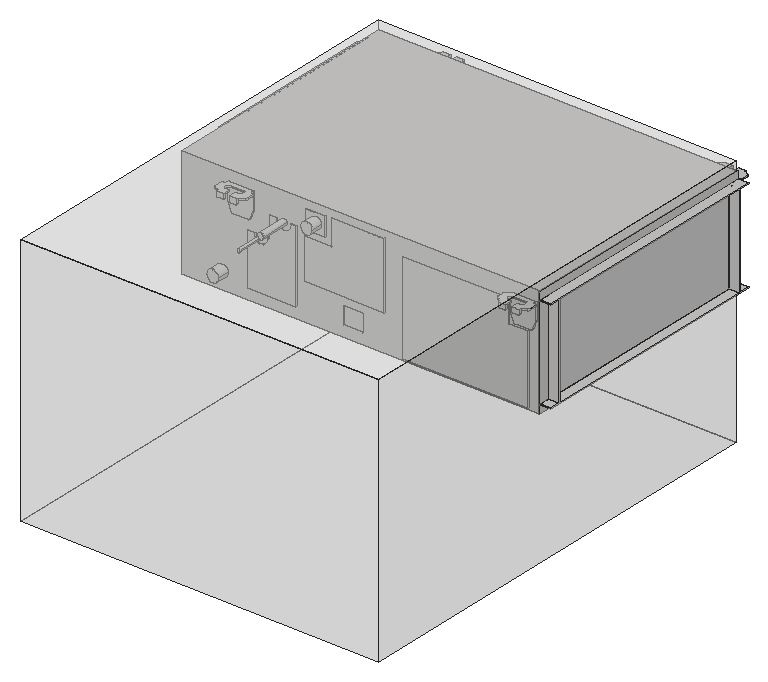
Revit family "outputfile", category 機械設備, Revit 2024
Family settings
  丸型コネクタ寸法 = 半径を使用
  パーツ タイプ = 標準
  OmniClass 番号 = 23.75.10.24.21.27.27
  OmniClass タイトル = Split System Air Conditioning Units
  作業面ベース = いいえ
  常に垂直 = はい
  ロード時にボイドで切り取り = いいえ
  注釈の向きを維持 = いいえ
  共有 = いいえ
  部屋計算ポイント = はい
Parameters (values of type "FXSA20AVMS")
  製造元 = "Daikin"
  書き出し IFC クラス(タイプ) = "IfcUnitaryEquipmentType"
  定義済み IFC タイプ(タイプ) = "AIRCONDITIONINGUNIT"
  モデル = "FXSA20AVMS"
  switch_frequency = yes
  r_Liquid Pipe Size = Liquid Pipe Size / 2  # 3.2 mm
  r_Gas Pipe Size = Gas Pipe Size / 2  # 6.35 mm
  r_Drain Pipe Size = Drain Pipe Size / 2  # 12.5 mm
  lw_power = 770.0 mm
  lh_SA = 138.0 mm
  lw_SA = if(Width = 550.0 mm, 225.0 mm, if(Width = 700.0 mm, 300.0 mm, if(Width = 1000.0 mm, 450.0 mm, if(Width = 1400.0 mm, 650.0 mm, 725.0 mm))))  # 225.0 mm
  lw_RA = if(Width = 550.0 mm, 275.0 mm, if(Width = 700.0 mm, 349.0 mm, if(Width = 1000.0 mm, 499.0 mm, if(Width = 1400.0 mm, 699.0 mm, 775.0 mm))))  # 275.0 mm
  lh_power = 60.0 mm + [h***]  # 60.0 mm
  lh_mountinghole1 = lh_mountinghole + [h***]  # 222.0 mm
  lh_RA = 123.0 mm
  ld_power = Width / 2  # 275.0 mm
  connector_voltage = Voltage_50Hz  # 220 V
  connector_powerinput = [Power Input (Cooling)]  # 0.058 kW
  connector_phase = Phase_50Hz  # 1
  Voltage_comment_50Hz = "220"
  Voltage_50Hz = 220 V
  Total Heating Capacity [instance] = 0.000 kW
  Supply Air Direction [instance] = yes
  Sound Power Level_H speed (dB) = 61
  Power Input (Heating) = 0.053 kW
  Phase_50Hz = 1
  Nominal Heating Capacity = 2.500 kW
  Minimum External Static Pressure = 30.00 Pa
  Minimum Circuit Amps_50Hz = 0.8 A
  Maximum Fuse Amps_50Hz = 16.0 A
  Maximum External Static Pressure = 150.00 Pa
  Material_Casing = DAIKIN_GalvanizedSteel_Casing_indoorunit
  lw_mountinghole = 630.0 mm
  lh_gaspipe = 183.0 mm + [h***]  # 183.0 mm
  lh_mountinghole = 222.0 mm
  lh_liquidpipe = 136.0 mm + [h***]  # 136.0 mm
  lh_drainpipe = 207.0 mm + [h***]  # 207.0 mm
  lh_antena = Height - lh_mountinghole + 1.0 mm  # 24.0 mm
  ld_drainpipe = Width / 2 + 26.0 mm  # 301.0 mm
  ld_liquidpipe = 339.0 mm
  ld_gaspipe = Width / 2 + 65.0 mm  # 340.0 mm
  ld_mountinghole = Width + 38.0 mm  # 588.0 mm
  h*** = 0.0 mm
  lw_liquidpipe = 179.0 mm
  lw_gaspipe = 229.0 mm
  lw_drainpipe = 300.0 mm
  Width = 550.0 mm
  Version = "ver.1.0"
  Unit Type = "Duct_M.S.P."
  Unit Mass Weight = 25.00 kg
  Unit Designation [instance] = ""
  Uniclass2015Version = "Products v1.30"
  Uniclass2015Title = "Variable refrigerant flow units"
  Uniclass2015Code = "Pr_70_65_03_94"
  Total Cooling Capacity [instance] = 0.000 kW
  Sound Pressure Level_M speed (dBA) = 30
  Sound Pressure Level_L speed (dBA) = 28
  Sound Pressure Level_H speed (dBA) = 33
  Series = "VRV Fan Coil Unit"
  Sensible Cooling Capacity [instance] = 0.000 kW
  SA Duct Size Width = 337.0 mm
  SA Duct Size Height = 176.0 mm
  Refrigerant Type = "R32"
  RA Duct Size Width = 502.0 mm
  RA Duct Size Height = 208.0 mm
  Power Input (Cooling) = 0.058 kW
  Option Accessory 3 [instance] = ""
  Option Accessory 2 [instance] = ""
  Option Accessory 1 [instance] = ""
  Nominal Cooling Capacity = 2.200 kW
  Minimum Airflow = 390.00 m³/h
  Median Airflow = 450.00 m³/h
  Maximum Airflow = 540.00 m³/h
  Load Classification = HVAC
  Liquid Pipe Size = 6.4 mm
  Link_Nested Family [instance] = ""
  IfcVersion = ""
  IfcExportType = "AIRCONDITIONINGUNIT"
  IfcExportAs = "IfcUnitaryEquipmentType"
  Height = 245.0 mm
  Heating Entering Wet Bulb Temperature [instance] = -273.15 °C
  Heating Entering Dry Bulb Temperature [instance] = -273.15 °C
  Heating Ambient Wet Bulb Temperature [instance] = -273.15 °C
  Heating Ambient Dry Bulb Temperature [instance] = -273.15 °C
  Heat Exchanger Type = "Cross Fin Coil"
  Gas Pipe Size = 12.7 mm
  Frequency_50Hz = 50 Hz
  Fan Type = "Sirocco Fan"
  Fan Drive = "Direct Drive"
  FCU Tag No. [instance] = ""
  Drain Pipe Size = 25.0 mm
  Design Supply Airflow [instance] = 0.00 m³/h
  Design Return Airflow [instance] = 0.00 m³/h
  Design External Static Pressure [instance] = 0.00 Pa
  Depth = 800.0 mm
  既定の高さ = 0.0 mm
  Cooling Entering Wet Bulb Temperature [instance] = 0.00 °C
  Cooling Entering Dry Bulb Temperature [instance] = 0.00 °C
  Cooling Ambient Wet Bulb Temperature [instance] = 0.00 °C
  Cooling Ambient Dry Bulb Temperature [instance] = 0.00 °C
  Clearance visibility [instance] = yes
  Clearance Top = 20.0 mm
  Clearance Right = 0.0 mm
  Clearance Rear = 0.0 mm
  Clearance Left = 0.0 mm
  Clearance Front = 450.0 mm
  Clearance Bottom = 300.0 mm
Reference planes
  plane 1 "Center (Front/Back)": y = 0
  plane 2 "h": z = 0
  plane 3 "Center (Left/Right)": x = 0
  plane 4 "Back": y = 275
  plane 5 "Front": y = -275
  plane 6 "Left": x = -400
  plane 7 "Right": x = 400
  plane 8 "Top": z = 0
  plane 9 "Bottom": z = -245
  plane 10: y = -215
  plane 11: y = 275
  plane 12: y = -725
  plane 13: x = -400
  plane 14: x = 400
  plane 15: z = 20
  plane 16: z = -545
  plane 17: x = -400
  plane 18: x = -399
  plane 19: x = 399
  plane 20: y = 50
  plane 21: y = 0
  plane 22: z = -122
  plane 23: y = -276
  plane 24: z = -109
  plane 25: x = -221
  plane 26: y = -340
  plane 27: z = -62
  plane 28: x = -171
  plane 29: y = -301
  plane 30: z = -38
  plane 31: x = -100
  plane 32: x = -100
  plane 33: x = -221
  plane 34: x = -171
  plane 35: x = 370
  plane 36: x = -266
  plane 37: x = 364
  plane 38: y = -294
  plane 39: y = 294
  plane 40: z = -23
  plane 41: z = -107
  plane 42: y = -339
  plane 43: z = -207
  plane 44: x = -309
  plane 45: y = -376
  plane 46: x = -251
  plane 47: x = -203
  plane 48: x = -144
  plane 49: z = -59
  plane 50: z = -106
  plane 51: z = -221
  plane 52: z = -109
  plane 53: x = -221
  plane 54: z = -62
  plane 55: x = -171
  plane 56: z = -17
  plane 57: z = -59
  plane 58: x = -121
  plane 59: x = -79
  plane 60: x = -125
  plane 61: x = -64
  plane 62: x = 53
  plane 63: z = -164
  plane 64: z = -73
  plane 65: z = -16
  plane 66: x = 93.5
  plane 67: x = 374.5
  plane 68: x = 330
  plane 69: z = -88.5
  plane 70: z = -38
  plane 71: z = -242.5
  plane 72: x = -38.5
  plane 73: x = 6.5
  plane 74: z = -181
  plane 75: z = -221
  plane 76: y = -274
  plane 77: x = -424
  plane 78: x = 424
Forms (mm)
  Extrusion 1, solid, material "DAIKIN_GalvanizedSteel_Casing_indoorunit" <- "Material_Casing"
    sketch origin (0, 0, 0) x (1, 0, 0) y (0, 1, 0)
      loop
        line (-399, 275) -> (-399, -275) -> (399, -275) -> (399, 275) -> (-399, 275)
    from -245 to 0
  Extrusion 2, solid, material "DAIKIN_GalvanizedSteel_Casing_indoorunit" <- "Material_Casing"
    sketch origin (0, 0, 0) x (1, 0, 0) y (0, 0, 1)
      loop
        line (-251, -221) -> (-144, -221) -> (-144, -59) -> (-154.47, -59)
        arc (-154.47, -59) -> (-171, -78.8) -> (-187.53, -59) r 16.8
        line (-187.53, -59) -> (-203, -59) -> (-203, -106) -> (-206.916, -106)
        arc (-206.916, -106) -> (-221, -123.4) -> (-235.084, -106) r 14.4
        line (-235.084, -106) -> (-251, -106) -> (-251, -221)
    from 275 to 276
  Extrusion 3, solid, material "DAIKIN_GalvanizedSteel_Casing_indoorunit" <- "Material_Casing"
    sketch origin (0, 0, 0) x (1, 0, 0) y (0, 0, 1)
      loop
        line (-121, -17) -> (-121, -59) -> (-79, -59) -> (-79, -17) -> (-121, -17)
      loop
        line (-125, -73) -> (-125, -164) -> (53, -164) -> (53, -16) -> (-64, -16) -> (-64, -73) -> (-125, -73)
    from 275 to 276
  Extrusion 4, solid, material "DAIKIN_GalvanizedSteel_Casing_indoorunit" <- "Material_Casing"
    sketch origin (0, 0, 0) x (1, 0, 0) y (0, 0, 1)
      loop
        line (93.5, -38) -> (93.5, -242.5) -> (374.5, -242.5) -> (374.5, -88.5) -> (330, -88.5) -> (330, -38) -> (93.5, -38)
    from 275 to 276
  Extrusion 5, solid, material "DAIKIN_GalvanizedSteel_Casing_indoorunit" <- "Material_Casing"
    sketch origin (0, 0, 0) x (1, 0, 0) y (0, 0, 1)
      loop
        circle (-221, -109) r 3.2
    from 275 to 339
  Extrusion 6, solid, material "DAIKIN_GalvanizedSteel_Casing_indoorunit" <- "Material_Casing"
    sketch origin (0, 0, 0) x (1, 0, 0) y (0, 0, 1)
      loop
        circle (-171, -62) r 6.35
    from 275 to 340
  Extrusion 7, solid, material "DAIKIN_GalvanizedSteel_Casing_indoorunit" <- "Material_Casing"
    sketch origin (0, 0, 0) x (1, 0, 0) y (0, 0, 1)
      loop
        circle (-100, -38) r 12.5
    from 276 to 301
  Extrusion 8, solid, material "DAIKIN_GalvanizedSteel_Casing_indoorunit" <- "Material_Casing"
    sketch origin (0, 0, 0) x (1, 0, 0) y (0, 0, 1)
      loop
        circle (-309, -207) r 13
    from 275 to 301
  Extrusion 9, void
    sketch origin (0, 0, 0) x (1, 0, 0) y (0, 0, 1)
      loop
        line (-38.5, -181) -> (-38.5, -221) -> (6.5, -221) -> (6.5, -181) -> (-38.5, -181)
    from 274 to 275
Cuts and joins
  Extrusion 9 cuts Extrusion 1
Dimensions and locks
  "Height": plane 8 "Top" to plane 9 "Bottom"
  equal spacing: plane 4 "Back", plane 1 "Center (Front/Back)", plane 5 "Front"
  "Width": plane 4 "Back" to plane 5 "Front"
  equal spacing: plane 6 "Left", plane 3 "Center (Left/Right)", plane 7 "Right"
  "Depth": plane 6 "Left" to plane 7 "Right"
  "Clearance Left": plane 13 to plane 6 "Left"
  "Clearance Right": plane 7 "Right" to plane 14
  "Clearance Rear": plane 11 to plane 4 "Back"
  "Clearance Front": plane 5 "Front" to plane 12
  "Clearance Top": plane 15 to plane 8 "Top"
  "Clearance Bottom": plane 9 "Bottom" to plane 16
  locked: plane 17 to plane 18 at 1
  locked: plane 19 to plane 14 at 1
  "lw_SA": plane 11 to plane 20
  "lw_RA": plane 21 to plane 5 "Front"
  "lh_RA": plane 22 to plane 9 "Bottom"
  locked: plane 5 "Front" to plane 23 at 1
  "lw_liquidpipe": plane 25 to plane 6 "Left"
  "lh_liquidpipe": plane 24 to plane 9 "Bottom"
  "lh_gaspipe": plane 27 to plane 9 "Bottom"
  "lw_gaspipe": plane 28 to plane 6 "Left"
  "ld_gaspipe": plane 26 to plane 1 "Center (Front/Back)"
  "ld_drainpipe": plane 29 to plane 1 "Center (Front/Back)"
  "lh_drainpipe": plane 30 to plane 9 "Bottom"
  "lw_drainpipe": plane 31 to plane 6 "Left"
  "lw_drainpipe": plane 6 "Left" to plane 32
  "lw_liquidpipe": plane 6 "Left" to plane 33
  "lw_gaspipe": plane 6 "Left" to plane 34
  "lw_power": plane 6 "Left" to plane 35
  locked: plane 17 to plane 36 at 134
  "lw_mountinghole": plane 36 to plane 37
  equal spacing: plane 38, plane 1 "Center (Front/Back)", plane 39
  "ld_mountinghole": plane 39 to plane 38
  "lh_mountinghole": plane 40 to plane 9 "Bottom"
  "lh_SA": plane 41 to plane 9 "Bottom"
  locked: plane 44 to plane 6 "Left" at 91
  locked: plane 43 to plane 9 "Bottom" at 38
  plane 48 to plane 47 to plane 46 to plane 6 "Left" = 59.0 mm, 48.0 mm, 149.0 mm
  plane 8 "Top" to plane 49 to plane 50 to plane 51 = 59.0 mm locked, 47.0 mm locked, 115.0 mm locked
  plane 55 to plane 53 to plane 6 "Left" = 50.0 mm locked, 179.0 mm locked
  plane 54 to plane 52 to plane 9 "Bottom" = 47.0 mm locked, 136.0 mm locked
  plane 59 to plane 58 to plane 6 "Left" = 42.0 mm locked, 279.0 mm locked
  plane 8 "Top" to plane 56 to plane 57 = 17.0 mm locked, 42.0 mm locked
  plane 62 to plane 61 to plane 60 to plane 6 "Left" = 117.0 mm, 61.0 mm, 275.0 mm
  plane 8 "Top" to plane 65 to plane 64 = 16.0 mm locked, 57.0 mm locked
  locked: plane 65 to plane 63 at 148
  plane 8 "Top" to plane 70 to plane 69 to plane 71 = 38.0 mm locked, 50.5 mm locked, 154.0 mm locked
  plane 67 to plane 68 to plane 66 to plane 6 "Left" = 44.5 mm locked, 236.5 mm locked, 493.5 mm locked
  plane 8 "Top" to plane 74 to plane 75 = 181.0 mm locked, 40.0 mm locked
  plane 73 to plane 72 to plane 6 "Left" = 45.0 mm, 361.5 mm
  locked: plane 76 to plane 5 "Front" at 1
  locked: plane 77 to plane 17 at 24
  locked: plane 14 to plane 78 at 24
  "ld_liquidpipe": plane 42 to plane 1 "Center (Front/Back)"
  "r_Liquid Pipe Size": radius of Extrusion 5 sketch curve
  "r_Gas Pipe Size": radius of Extrusion 6 sketch curve
  "r_Drain Pipe Size": radius of Extrusion 7 sketch curve
  aligned and locked: level to plane 2 "h"
  aligned and locked: plane 8 "Top" to Extrusion 1
  aligned and locked: Extrusion 1 to plane 9 "Bottom"
  aligned and locked: nested 5 to plane 12
  aligned and locked: plane 13 to nested 5
  aligned and locked: plane 14 to nested 5
  aligned and locked: nested 5 to plane 13
  aligned and locked: plane 11 to nested 5
  aligned and locked: plane 15 to nested 5
  aligned and locked: plane 16 to nested 5
  aligned and locked: plane 5 "Front" to Extrusion 1 sketch curve
  aligned and locked: Extrusion 1 to plane 18
  aligned and locked: plane 19 to Extrusion 1
  aligned and locked: nested 7 to plane 18
  aligned and locked: nested 7 to plane 20
  aligned and locked: plane 19 to nested 8
  aligned and locked: plane 21 to nested 8
  aligned and locked: plane 22 to nested 8
  aligned and locked: Extrusion 2 to plane 23
  aligned and locked: plane 5 "Front" to Extrusion 2
  aligned and locked: Extrusion 3 to plane 23
  aligned and locked: plane 5 "Front" to Extrusion 3
  aligned and locked: plane 5 "Front" to Extrusion 4
  aligned and locked: Extrusion 5 sketch curve to plane 25
  aligned and locked: plane 24 to Extrusion 5 sketch curve
  aligned and locked: plane 5 "Front" to Extrusion 5
  aligned and locked: Extrusion 6 sketch curve to plane 28
  aligned and locked: plane 27 to Extrusion 6 sketch curve
  aligned and locked: plane 5 "Front" to Extrusion 6
  aligned and locked: Extrusion 7 sketch curve to plane 31
  aligned and locked: Extrusion 7 sketch curve to plane 30
  aligned and locked: Extrusion 7 to plane 29
  aligned and locked: plane 23 to Extrusion 7
  aligned and locked: nested 3 to plane 29
  aligned and locked: plane 32 to nested 3
  aligned and locked: nested 2 to plane 33
  aligned and locked: nested 1 to plane 34
  aligned and locked: Extrusion 6 to plane 26
  aligned and locked: nested 1 to plane 26
  aligned and locked: nested 6 to plane 5 "Front"
  aligned and locked: plane 35 to nested 6
  aligned and locked: plane 36 to nested 10
  aligned and locked: nested 10 to plane 5 "Front"
  aligned and locked: plane 37 to nested 9
  aligned and locked: nested 9 to plane 5 "Front"
  aligned and locked: nested 11 to plane 36
  aligned and locked: plane 4 "Back" to nested 11
  aligned and locked: nested 12 to plane 37
  aligned and locked: plane 4 "Back" to nested 12
  aligned and locked: plane 40 to nested 10
  aligned and locked: plane 40 to nested 11
  aligned and locked: plane 40 to nested 9
  aligned and locked: plane 40 to nested 12
  aligned and locked: plane 36 to nested 14
  aligned and locked: nested 14 to plane 39
  aligned and locked: plane 37 to nested 13
  aligned and locked: nested 13 to plane 39
  aligned and locked: plane 37 to nested 16
  aligned and locked: plane 38 to nested 16
  aligned and locked: plane 38 to nested 15
  aligned and locked: plane 36 to nested 15
  aligned and locked: plane 17 to plane 6 "Left"
  aligned and locked: plane 41 to nested 7
  aligned and locked: Extrusion 5 to plane 42
  aligned and locked: nested 2 to plane 42
  aligned and locked: Extrusion 8 sketch curve to plane 44
  aligned and locked: plane 43 to Extrusion 8 sketch curve
  aligned and locked: plane 5 "Front" to Extrusion 8
  aligned and locked: Extrusion 3 sketch curve to plane 56
  aligned and locked: Extrusion 3 sketch curve to plane 58
  aligned and locked: plane 57 to Extrusion 3 sketch curve
  aligned and locked: plane 59 to Extrusion 3 sketch curve
  aligned and locked: Extrusion 4 to plane 23
  aligned and locked: Extrusion 9 sketch curve to plane 74
  aligned and locked: plane 75 to Extrusion 9 sketch curve
  aligned and locked: plane 73 to Extrusion 9 sketch curve
  aligned and locked: plane 5 "Front" to Extrusion 9
  aligned and locked: plane 76 to Extrusion 9
  aligned and locked: nested 17 to plane 20
  aligned and locked: nested 17 to plane 77
  aligned and locked: plane 21 to nested 18
  aligned and locked: plane 78 to nested 18
  aligned and locked: plane 41 to nested 17
  aligned and locked: nested 18 to plane 22
  aligned and locked: nested 4 to plane 3 "Center (Left/Right)"
  aligned and locked: plane 1 "Center (Front/Back)" to nested 4
  aligned and locked: level to plane 8 "Top"
  aligned and locked: Extrusion 8 to plane 29
Automatic sketch dimensions
  plane 6 "Left" to Extrusion 1 sketch curve = 1.0 mm
  Extrusion 1 sketch curve to plane 7 "Right" = 1.0 mm
  Extrusion 1 sketch curve to plane 4 "Back" = 0.0 mm
  Extrusion 2 sketch curve to plane 46 = 0.0 mm
  Extrusion 2 sketch curve to plane 33 = 0.0 mm
  Extrusion 2 sketch curve to plane 47 = 0.0 mm
  Extrusion 2 sketch curve to plane 34 = 0.0 mm
  Extrusion 2 sketch curve to plane 48 = 0.0 mm
  Extrusion 2 sketch curve to plane 51 = 0.0 mm
  Extrusion 2 sketch curve to plane 52 = 0.0 mm
  Extrusion 2 sketch curve to plane 50 = 0.0 mm  (x3)
  Extrusion 2 sketch curve to plane 54 = 0.0 mm
  Extrusion 2 sketch curve to plane 49 = 0.0 mm  (x3)
  plane 33 to Extrusion 2 sketch curve = 14.084 mm
  plane 34 to Extrusion 2 sketch curve = 16.53 mm
  Extrusion 3 sketch curve to plane 60 = 0.0 mm
  Extrusion 3 sketch curve to plane 61 = 0.0 mm
  Extrusion 3 sketch curve to plane 62 = 0.0 mm
  Extrusion 3 sketch curve to plane 63 = 0.0 mm
  Extrusion 3 sketch curve to plane 64 = 0.0 mm
  Extrusion 3 sketch curve to plane 65 = 0.0 mm
  Extrusion 4 sketch curve to plane 66 = 0.0 mm
  Extrusion 4 sketch curve to plane 68 = 0.0 mm
  Extrusion 4 sketch curve to plane 67 = 0.0 mm
  Extrusion 4 sketch curve to plane 71 = 0.0 mm
  Extrusion 4 sketch curve to plane 69 = 0.0 mm
  Extrusion 4 sketch curve to plane 70 = 0.0 mm
  Extrusion 9 sketch curve to plane 72 = 0.0 mm
  radius of Extrusion 8 sketch curve = 13.0 mm
Nested families
  nested 1: "daikin_connector_rotate2" at (-171, 0, -62), length <- "ld_gaspipe", built-in parameter 1001364 <- "lh_gaspipe", radius <- "r_Gas Pipe Size", type "daikin_connector_rotate2"
    with radius 6.35 mm, length 340.0 mm, angle_vertical 90.00°
  nested 2: "daikin_connector_rotate2" at (-221, 0, -109), length <- "ld_liquidpipe", built-in parameter 1001364 <- "lh_liquidpipe", radius <- "r_Liquid Pipe Size", type "daikin_connector_rotate2"
    with radius 3.2 mm, length 339.0 mm, angle_vertical 90.00°
  nested 3: "daikin_connector_rotate2" at (-100, 0, -38), length <- "ld_drainpipe", built-in parameter 1001364 <- "lh_drainpipe", radius <- "r_Drain Pipe Size", type "daikin_connector_rotate2"
    with radius 12.5 mm, length 301.0 mm, angle_vertical 90.00°
  nested 4: "daikin_△_symbolicline" at (0, 0, 245) x (0, -1, 0) z (0, 0, 1), built-in parameter 1001364 <- "Height", visible <- "Supply Air Direction", type "daikin_△_symbolicline"
    with length 200.0 mm
  nested 5: "daikin_clearancespace" at (0, -225, -262.381), visible <- "Clearance visibility", show <- "Clearance visibility", Link_Nested Family <- "Link_Nested Family", type "daikin_clearancespace"
    with width 800.0 mm, show yes, height 565.0 mm, depth 1000.0 mm, Link_Nested Family ""
  nested 6: "daikin_connector_rotate2" at (370, 0, -185), built-in parameter 1001364 <- "lh_power", length <- "ld_power", type "daikin_connector_rotate2"
    with radius 10.0 mm, length 275.0 mm, angle_vertical 90.00°
  nested 7: "daikin_ductflange_FXSA-AVMS2" at (-399, 50, -107) x (0, -1, 0) z (0, 0, 1), type "daikin_ductflange_FXSA-AVMS2"
    with width 337.0 mm, w1 24.0 mm, w 550.0 mm
  nested 8: "daikin_ductflange_FXSA-AVMS" at (399, 0, -122) x (0, 1, 0) z (0, 0, 1), type "daikin_ductflange_FXSA-AVMS"
    with width 502.0 mm, lw 25.0 mm, w 550.0 mm
  nested 9: "FXFSA-AVM" at (364, -275, -23), type "daikin_hangerfixture_FXFSA-AVM"
  nested 10: "FXFSA-AVM" at (-266, -275, -23), type "daikin_hangerfixture_FXFSA-AVM"
  nested 11: "FXFSA-AVM" at (-266, 275, -23) x (-1, 0, 0) z (0, 0, 1), type "daikin_hangerfixture_FXFSA-AVM"
  nested 12: "FXFSA-AVM" at (364, 275, -23) x (-1, 0, 0) z (0, 0, 1), type "daikin_hangerfixture_FXFSA-AVM"
  nested 13: "daikin_mountinghole" at (364, 294, -245), h_mountinghole <- "lh_mountinghole1", l_antenna <- "lh_antena", Link_Nested Family <- "Link_Nested Family", type "daikin_mountinghole"
    with show yes, l_antenna 24.0 mm, h_mountinghole 222.0 mm, Link_Nested Family ""
  nested 14: "daikin_mountinghole" at (-266, 294, -245), h_mountinghole <- "lh_mountinghole1", l_antenna <- "lh_antena", Link_Nested Family <- "Link_Nested Family", type "daikin_mountinghole"
    with show yes, l_antenna 24.0 mm, h_mountinghole 222.0 mm, Link_Nested Family ""
  nested 15: "daikin_mountinghole" at (-266, -294, -245), h_mountinghole <- "lh_mountinghole1", l_antenna <- "lh_antena", Link_Nested Family <- "Link_Nested Family", type "daikin_mountinghole"
    with show yes, l_antenna 24.0 mm, h_mountinghole 222.0 mm, Link_Nested Family ""
  nested 16: "daikin_mountinghole" at (364, -294, -245), h_mountinghole <- "lh_mountinghole1", l_antenna <- "lh_antena", Link_Nested Family <- "Link_Nested Family", type "daikin_mountinghole"
    with show yes, l_antenna 24.0 mm, h_mountinghole 222.0 mm, Link_Nested Family ""
  nested 17: "daikin_connector_rotate2" at (-400, 50, -107) x (0, -1, 0) z (0, 0, 1), type "daikin_connector_rotate2"
    with radius 10.0 mm, length 24.0 mm, angle_vertical 90.00°
  nested 18: "daikin_connector_rotate2" at (400, 0, -122) x (0, 1, 0) z (0, 0, 1), type "daikin_connector_rotate2"
    with radius 10.0 mm, length 24.0 mm, angle_vertical 90.00°
Connectors
  piping at (-100, -301, -38), diameter 25, driven by "r_Drain Pipe Size"
    settings: on nested 3, index 3, connector inside diameter 609.6 mm, connector length 0.0 mm, flow factor 0, pipe flow 0.00 m³/h, pressure drop 0.0 Pa, fitting loss kfactor 0, connector angle 0.00°, fixture units 0, engagement length 0.0 mm, angle of deflection 0.00°, flow configuration 1, flow direction 2, fitting loss method 4, system type 16, joint type 0, gender type 0, connector reference index -1, connector utility 0, adjustable connector no, is connector primary yes, connector description "Condensate Drain Piping"
  piping at (-171, -340, -62), diameter 12.7, driven by "r_Gas Pipe Size"
    settings: on nested 1, index 4, connector inside diameter 609.6 mm, connector length 0.0 mm, flow factor 0, pipe flow 0.00 m³/h, pressure drop 0.0 Pa, fitting loss kfactor 0, connector angle 0.00°, fixture units 0, engagement length 0.0 mm, angle of deflection 0.00°, flow configuration 1, flow direction 2, fitting loss method 0, system type 29, joint type 0, gender type 0, connector reference index -1, connector utility 0, adjustable connector no, is connector primary no, connector description "Refrigerant Gas Piping"
  piping at (-221, -339, -109), diameter 6.4, driven by "r_Liquid Pipe Size"
    settings: on nested 2, index 5, connector inside diameter 609.6 mm, connector length 0.0 mm, flow factor 0, pipe flow 0.00 m³/h, pressure drop 0.0 Pa, fitting loss kfactor 0, connector angle 0.00°, fixture units 0, engagement length 0.0 mm, angle of deflection 0.00°, flow configuration 1, flow direction 1, fitting loss method 0, system type 29, joint type 0, gender type 0, connector reference index -1, connector utility 0, adjustable connector no, is connector primary no, connector description "Refrigerant Liquid Piping"
  electrical at (370, -275, -185), driven by "Load Classification", driven by "connector_voltage", driven by "connector_phase", driven by "connector_powerinput"
    settings: on nested 6, index 6, voltage 220 V, apparent load 58 VA, apparent load phase1 0 VA, apparent load phase2 0 VA, apparent load phase3 0 VA, power factor 1, load classification "HVAC", number of poles 1, system type 30, power factor state 1, is connector primary yes, connector utility no, sub classification motor no, connector description "Power Supply"
  hvac at (-424, 50, -107), driven by "SA Duct Size Height", driven by "SA Duct Size Width"
    settings: on nested 17, index 7, duct flow 0.00 m³/h, flow factor 0, pres drop 0.00 Pa, loss coef 0, conn angle 0.00°, conn width 337.0 mm, conn height 176.0 mm, conn diameter 609.6 mm, duct sys type 1, conn prof type 1, flow config 0, flow direction 2, loss method 4, conn ref index -1, conn util no, is conn primary yes, conn desc "SA Duct"
  hvac at (424, 0, -122), driven by "RA Duct Size Height", driven by "RA Duct Size Width"
    settings: on nested 18, index 8, duct flow 0.00 m³/h, flow factor 0, pres drop 0.00 Pa, loss coef 0, conn angle 0.00°, conn width 502.0 mm, conn height 208.0 mm, conn diameter 609.6 mm, duct sys type 2, conn prof type 1, flow config 0, flow direction 1, loss method 4, conn ref index -1, conn util no, is conn primary no, conn desc "RA Duct"
Definition of nested family "daikin_clearancespace"
  Parameters (values of type "daikin_clearancespace")
    Description = "daikin_clearancespace"
    width [instance] = 1823.963 mm
    show [instance] = yes
    material = none
    height [instance] = 1359.762 mm
    depth [instance] = 880.0 mm
    Default Elevation = 0.0 mm
    Link_Nested Family [instance] = ""
  Reference planes
    plane 1 "Center (Front/Back)": y = 0
    plane 2 "Center (Elevation)": z = -0.119
    plane 3 "Center (Left/Right)": x = 0
    plane 4: y = 440
    plane 5: y = -440
    plane 6 "Right": x = 911.982
    plane 7 "Left": x = -911.982
    plane 8 "Top": z = 679.762
    plane 9 "Bottom": z = -680
  Forms (mm)
    Extrusion 1, solid, material <- "material", visible <- "show"
      sketch origin (0, 0, 0) x (1, 0, 0) y (0, 1, 0)
        loop
          line (-911.982, 440) -> (-911.982, -440) -> (911.982, -440) -> (911.982, 440) -> (-911.982, 440)
      from -680 to 679.762
  Lines and regions (mm)
    symbolic lines, visible <- "show"
      curve 1: line (911.982, 440, 0) -> (-911.982, 440, 0)
      curve 2: line (-911.982, 440, 0) -> (-911.982, -440, 0)
      curve 3: line (-911.982, -440, 0) -> (911.982, -440, 0)
      curve 4: line (911.982, -440, 0) -> (911.982, 440, 0)
      curve 5: line (911.982, 0, 679.762) -> (-911.982, 0, 679.762)
      curve 6: line (911.982, 0, -680) -> (911.982, 0, 679.762)
      curve 7: line (-911.982, 0, -680) -> (911.982, 0, -680)
      curve 8: line (-911.982, 0, 679.762) -> (-911.982, 0, -680)
      curve 9: line (0, 440, 679.762) -> (0, -440, 679.762)
      curve 10: line (0, -440, 679.762) -> (0, -440, -680)
      curve 11: line (0, 440, -680) -> (0, 440, 679.762)
      curve 12: line (0, -440, -680) -> (0, 440, -680)
  Dimensions and locks
    "width": plane 7 "Left" to plane 6 "Right"
    "depth": plane 4 to plane 5
    "height": plane 8 "Top" to plane 9 "Bottom"
    equal spacing: plane 7 "Left", plane 3 "Center (Left/Right)", plane 6 "Right"
    equal spacing: plane 4, plane 1 "Center (Front/Back)", plane 5
    equal spacing: plane 8 "Top", plane 2 "Center (Elevation)", plane 9 "Bottom"
    aligned and locked: level to plane 2 "Center (Elevation)"
    aligned and locked: Extrusion 1 sketch curve to plane 4
    aligned and locked: plane 7 "Left" to Extrusion 1 sketch curve
    aligned and locked: Extrusion 1 sketch curve to plane 5
    aligned and locked: Extrusion 1 sketch curve to plane 6 "Right"
    aligned and locked: plane 8 "Top" to Extrusion 1
    aligned and locked: curve 1 to Extrusion 1
    aligned and locked: curve 2 to Extrusion 1
    aligned and locked: curve 3 to Extrusion 1
    aligned and locked: curve 4 to Extrusion 1
    aligned and locked: curve 5 to Extrusion 1
    aligned and locked: curve 6 to Extrusion 1
    aligned and locked: curve 7 to Extrusion 1
    aligned and locked: curve 8 to Extrusion 1
    aligned and locked: curve 9 to Extrusion 1
    aligned and locked: curve 10 to Extrusion 1
    aligned and locked: curve 11 to Extrusion 1
    aligned and locked: curve 12 to Extrusion 1
    aligned and locked: Extrusion 1 to plane 9 "Bottom"
Definition of nested family "daikin_ductflange_FXSA-AVMS2"
  Parameters (values of type "daikin_ductflange_FBA-BVMA2")
    width = if(w = 550.0 mm, 337.0 mm, if(w = 700.0 mm, 492.0 mm, if(w = 1000.0 mm, 792.0 mm, if(w = 1400.0 mm, 1192.0 mm, 1337.0 mm))))  # 492.0 mm
    w1 = if(w = 550.0 mm, 24.0 mm, if(w = 700.0 mm, 21.5 mm, if(w = 1000.0 mm, 21.5 mm, if(w = 1400.0 mm, 21.5 mm, 24.0 mm))))  # 21.5 mm
    material = none
    height = 215.0 mm
    depth = 1.0 mm
    w = 700.0 mm
    Default Elevation = 0.0 mm
  Reference planes
    plane 1 "Center (Front/Back)": y = 0
    plane 2: z = 0
    plane 3 "Center (Left/Right)": x = 0
    plane 4: z = 88
    plane 5: z = -88
    plane 6: y = -25
    plane 7: z = 106
    plane 8: z = 89
    plane 9: y = -1
    plane 10: x = -267.5
    plane 11: x = 267.5
    plane 12: z = -106
    plane 13: z = -89
    plane 14: y = -1
    plane 15: x = 246
    plane 16: x = -246
    plane 17: x = 247
    plane 18: z = 87
    plane 19: z = -87
    plane 20: x = -247
    plane 21: z = 87
    plane 22: z = -87
    plane 23: y = -1
  Forms (mm)
    Extrusion 1, solid, material <- "material"
      sketch origin (0, 0, 0) x (0, 1, 0) y (0, 0, 1)
        loop
          line (-25, 88) -> (0, 88) -> (0, 106) -> (-1, 106) -> (-1, 89) -> (-25, 89) -> (-25, 88)
      from -267.5 to 267.5
    Extrusion 2, solid, material <- "material"
      sketch origin (0, 0, 0) x (0, 1, 0) y (0, 0, 1)
        loop
          line (-25, -88) -> (-25, -89) -> (-1, -89) -> (-1, -106) -> (0, -106) -> (0, -88) -> (-25, -88)
      from -267.5 to 267.5
    Extrusion 3, solid, material <- "material"
      sketch origin (0, 0, 0) x (1, 0, 0) y (0, 0, 1)
        loop
          line (246, 88) -> (246, -88) -> (267.5, -88) -> (267.5, -87) -> (247, -87) -> (247, 87) -> (267.5, 87) -> (267.5, 88) -> (246, 88)
      from 0 to 25
    Extrusion 4, solid, material <- "material"
      sketch origin (0, 0, 0) x (1, 0, 0) y (0, 0, 1)
        loop
          line (-267.5, 88) -> (-267.5, 87) -> (-247, 87) -> (-247, -87) -> (-267.5, -87) -> (-267.5, -88) -> (-246, -88) -> (-246, 88) -> (-267.5, 88)
      from 0 to 25
    Extrusion 5, solid, material <- "material"
      sketch origin (0, 0, 0) x (1, 0, 0) y (0, 0, 1)
        loop
          line (-267.5, 88) -> (-267.5, -88) -> (-246, -88) -> (-246, 88) -> (-267.5, 88)
        loop
          line (267.5, 88) -> (246, 88) -> (246, -88) -> (267.5, -88) -> (267.5, 88)
      from 0 to 1
  Cuts and joins
    joined: Extrusion 1, Extrusion 2, Extrusion 3, Extrusion 4, Extrusion 5
  Dimensions and locks
    plane 4 to level to plane 5 = 88.0 mm, 88.0 mm
    locked: plane 6 to plane 1 "Center (Front/Back)" at 25
    locked: plane 9 to plane 1 "Center (Front/Back)" at 1
    locked: plane 8 to plane 4 at 1
    "w1": plane 16 to plane 10
    locked: plane 17 to plane 15 at 1
    locked: plane 4 to plane 18 at 1
    locked: plane 19 to plane 5 at 1
    "width": plane 15 to plane 16
    plane 4 to plane 5 = 176.0 mm
    locked: plane 16 to plane 20 at 1
    locked: plane 4 to plane 21 at 1
    locked: plane 22 to plane 5 at 1
    locked: plane 23 to plane 1 "Center (Front/Back)" at 1
    plane 4 to level to plane 5 = 88.0 mm locked, 88.0 mm locked
    locked: plane 5 to plane 13 at 1
    locked: plane 5 to plane 12 at 18
    locked: plane 7 to plane 4 at 18
    equal spacing: plane 15, plane 3 "Center (Left/Right)", plane 16
    "w1": plane 11 to plane 15
    plane 11 to plane 10 = 535.0 mm
    aligned and locked: level to plane 2
    aligned and locked: Extrusion 1 to plane 10
    aligned and locked: plane 11 to Extrusion 1
    aligned and locked: plane 5 to Extrusion 2
    aligned and locked: Extrusion 2 to plane 1 "Center (Front/Back)"
    aligned and locked: plane 15 to Extrusion 3 sketch curve
    aligned and locked: Extrusion 3 sketch curve to Extrusion 2  (x2)
    aligned and locked: Extrusion 3 sketch curve to plane 11
    aligned and locked: plane 6 to Extrusion 3
    aligned and locked: Extrusion 2 to plane 10
    aligned and locked: plane 11 to Extrusion 2
    aligned and locked: Extrusion 4 sketch curve to Extrusion 1  (x2)
    aligned and locked: plane 5 to Extrusion 4 sketch curve
    aligned and locked: Extrusion 4 sketch curve to plane 16
    aligned and locked: Extrusion 4 sketch curve to plane 22
    aligned and locked: plane 20 to Extrusion 4 sketch curve
    aligned and locked: plane 21 to Extrusion 4 sketch curve
    aligned and locked: Extrusion 4 to plane 1 "Center (Front/Back)"
    aligned and locked: plane 6 to Extrusion 4
    aligned and locked: Extrusion 5 sketch curve to Extrusion 1  (x4)
    aligned and locked: Extrusion 5 sketch curve to Extrusion 4  (x2)
    aligned and locked: Extrusion 5 sketch curve to Extrusion 3  (x2)
    aligned and locked: Extrusion 5 to plane 1 "Center (Front/Back)"
    aligned and locked: plane 23 to Extrusion 5
  Automatic sketch dimensions
    Extrusion 1 sketch curve to plane 6 = 0.0 mm
    Extrusion 1 sketch curve to plane 7 = 0.0 mm
    Extrusion 1 sketch curve to plane 9 = 0.0 mm
    Extrusion 1 sketch curve to plane 1 "Center (Front/Back)" = 0.0 mm
    Extrusion 1 sketch curve to plane 4 = 0.0 mm
    Extrusion 1 sketch curve to plane 8 = 0.0 mm
    Extrusion 2 sketch curve to plane 6 = 0.0 mm
    plane 12 to Extrusion 2 sketch curve = 0.0 mm
    Extrusion 2 sketch curve to plane 14 = 0.0 mm
    Extrusion 2 sketch curve to plane 1 "Center (Front/Back)" = 0.0 mm
    plane 13 to Extrusion 2 sketch curve = 0.0 mm
    Extrusion 2 sketch curve to plane 5 = 0.0 mm
    Extrusion 3 sketch curve to plane 17 = 0.0 mm
    Extrusion 3 sketch curve to plane 19 = 0.0 mm
    Extrusion 3 sketch curve to plane 18 = 0.0 mm
    Extrusion 3 sketch curve to plane 4 = 0.0 mm
    Extrusion 4 sketch curve to plane 10 = 0.0 mm
Definition of nested family "daikin_ductflange_FXSA-AVMS"
  Parameters (values of type "daikin_ductflange_FBFC-DVMG")
    width = if(w = 550.0 mm, 502.0 mm, if(w = 700.0 mm, 654.0 mm, if(w = 1000.0 mm, 952.0 mm, if(w = 1400.0 mm, 1352.0 mm, 1502.0 mm))))  # 654.0 mm
    material = none
    lw = if(width = 654.0 mm, 23.0 mm, 25.0 mm)  # 23.0 mm
    height = 208.0 mm
    depth = 1.0 mm
    w = 700.0 mm
    Default Elevation = 0.0 mm
  Reference planes
    plane 1 "Center (Front/Back)": y = 0
    plane 2: z = 0
    plane 3 "Center (Left/Right)": x = 0
    plane 4: z = 104
    plane 5: z = -104
    plane 6: y = -25
    plane 7: z = 121
    plane 8: z = 105
    plane 9: y = -1
    plane 10: x = -350
    plane 11: x = 350
    plane 12: z = -122
    plane 13: z = -105
    plane 14: y = -1
    plane 15: x = 327
    plane 16: x = -327
    plane 17: x = 328
    plane 18: z = 103
    plane 19: z = -103
    plane 20: x = -328
    plane 21: z = 103
    plane 22: z = -103
    plane 23: y = -1
  Forms (mm)
    Extrusion 1, solid, material <- "material"
      sketch origin (0, 0, 0) x (0, 1, 0) y (0, 0, 1)
        loop
          line (-25, 104) -> (0, 104) -> (0, 121) -> (-1, 121) -> (-1, 105) -> (-25, 105) -> (-25, 104)
      from -350 to 350
    Extrusion 2, solid, material <- "material"
      sketch origin (0, 0, 0) x (0, 1, 0) y (0, 0, 1)
        loop
          line (-25, -104) -> (-25, -105) -> (-1, -105) -> (-1, -122) -> (0, -122) -> (0, -104) -> (-25, -104)
      from -350 to 350
    Extrusion 3, solid, material <- "material"
      sketch origin (0, 0, 0) x (1, 0, 0) y (0, 0, 1)
        loop
          line (327, 104) -> (327, -104) -> (350, -104) -> (350, -103) -> (328, -103) -> (328, 103) -> (350, 103) -> (350, 104) -> (327, 104)
      from 0 to 25
    Extrusion 4, solid, material <- "material"
      sketch origin (0, 0, 0) x (1, 0, 0) y (0, 0, 1)
        loop
          line (-350, 104) -> (-350, 103) -> (-328, 103) -> (-328, -103) -> (-350, -103) -> (-350, -104) -> (-327, -104) -> (-327, 104) -> (-350, 104)
      from 0 to 25
    Extrusion 5, solid, material <- "material"
      sketch origin (0, 0, 0) x (1, 0, 0) y (0, 0, 1)
        loop
          line (-350, 104) -> (-350, -104) -> (-327, -104) -> (-327, 104) -> (-350, 104)
        loop
          line (350, 104) -> (327, 104) -> (327, -104) -> (350, -104) -> (350, 104)
      from 0 to 1
  Cuts and joins
    joined: Extrusion 1, Extrusion 2, Extrusion 3, Extrusion 4, Extrusion 5
  Dimensions and locks
    plane 4 to level to plane 5 = 104.0 mm, 104.0 mm
    locked: plane 6 to plane 1 "Center (Front/Back)" at 25
    locked: plane 9 to plane 1 "Center (Front/Back)" at 1
    locked: plane 8 to plane 4 at 1
    "lw": plane 11 to plane 15
    "lw": plane 16 to plane 10
    locked: plane 17 to plane 15 at 1
    locked: plane 4 to plane 18 at 1
    locked: plane 19 to plane 5 at 1
    "width": plane 15 to plane 16
    equal spacing: plane 15, plane 3 "Center (Left/Right)", plane 16
    locked: plane 16 to plane 20 at 1
    locked: plane 4 to plane 21 at 1
    locked: plane 22 to plane 5 at 1
    locked: plane 23 to plane 1 "Center (Front/Back)" at 1
    locked: plane 7 to plane 4 at 17
    locked: plane 1 "Center (Front/Back)" to plane 14 at 1
    locked: plane 5 to plane 13 at 1
    "height": plane 4 to plane 5
    plane 11 to plane 10 = 700.0 mm
    locked: plane 12 to plane 13 at 17
    equal spacing: plane 4, level, plane 5
    aligned and locked: level to plane 2
    aligned and locked: Extrusion 1 to plane 10
    aligned and locked: plane 11 to Extrusion 1
    aligned and locked: plane 5 to Extrusion 2
    aligned and locked: Extrusion 2 to plane 1 "Center (Front/Back)"
    aligned and locked: plane 15 to Extrusion 3 sketch curve
    aligned and locked: Extrusion 3 sketch curve to Extrusion 2  (x2)
    aligned and locked: Extrusion 3 sketch curve to plane 11
    aligned and locked: plane 6 to Extrusion 3
    aligned and locked: Extrusion 2 to plane 10
    aligned and locked: plane 11 to Extrusion 2
    aligned and locked: Extrusion 4 sketch curve to Extrusion 1  (x2)
    aligned and locked: plane 5 to Extrusion 4 sketch curve
    aligned and locked: Extrusion 4 sketch curve to plane 16
    aligned and locked: Extrusion 4 sketch curve to plane 22
    aligned and locked: plane 20 to Extrusion 4 sketch curve
    aligned and locked: plane 21 to Extrusion 4 sketch curve
    aligned and locked: Extrusion 4 to plane 1 "Center (Front/Back)"
    aligned and locked: plane 6 to Extrusion 4
    aligned and locked: Extrusion 5 sketch curve to Extrusion 1  (x4)
    aligned and locked: Extrusion 5 sketch curve to Extrusion 4  (x2)
    aligned and locked: Extrusion 5 sketch curve to Extrusion 3  (x2)
    aligned and locked: Extrusion 5 to plane 1 "Center (Front/Back)"
    aligned and locked: plane 23 to Extrusion 5
  Automatic sketch dimensions
    Extrusion 1 sketch curve to plane 6 = 0.0 mm
    Extrusion 1 sketch curve to plane 7 = 0.0 mm
    Extrusion 1 sketch curve to plane 9 = 0.0 mm
    Extrusion 1 sketch curve to plane 1 "Center (Front/Back)" = 0.0 mm
    Extrusion 1 sketch curve to plane 4 = 0.0 mm
    Extrusion 1 sketch curve to plane 8 = 0.0 mm
    Extrusion 2 sketch curve to plane 6 = 0.0 mm
    plane 12 to Extrusion 2 sketch curve = 0.0 mm
    Extrusion 2 sketch curve to plane 14 = 0.0 mm
    Extrusion 2 sketch curve to plane 1 "Center (Front/Back)" = 0.0 mm
    plane 13 to Extrusion 2 sketch curve = 0.0 mm
    Extrusion 2 sketch curve to plane 5 = 0.0 mm
    Extrusion 3 sketch curve to plane 17 = 0.0 mm
    Extrusion 3 sketch curve to plane 19 = 0.0 mm
    Extrusion 3 sketch curve to plane 18 = 0.0 mm
    Extrusion 3 sketch curve to plane 4 = 0.0 mm
    Extrusion 4 sketch curve to plane 10 = 0.0 mm
Definition of nested family "FXFSA-AVM"
  Parameters (values of type "daikin_hangerfixture_FXMQ-PAVE")
    width = 72.0 mm
    material = none
    height = 60.0 mm
    depth = 41.0 mm
    Default Elevation = 0.0 mm
  Reference planes
    plane 1 "Center (Front/Back)": y = 0
    plane 2: z = 0
    plane 3 "Center (Left/Right)": x = 0
    plane 4: y = 417.146
    plane 5: y = -41
    plane 6: x = -36
    plane 7: x = 36
    plane 8: z = -2.3
    plane 9: z = -60
    plane 10: y = -2.3
    plane 11: z = -12
    plane 12: y = -38.7
  Forms (mm)
    Extrusion 1, solid, material <- "material"
      sketch origin (0, 0, 0) x (1, 0, 0) y (0, 1, 0)
        loop
          line (-28, 0) -> (-28, -5)
          arc (-28, -5) -> (-29.127, -8.162) -> (-32, -9.899) r 5
          arc (-32, -9.899) -> (-34.873, -11.636) -> (-36, -14.798) r 5
          line (-36, -14.798) -> (-36, -27.178)
          arc (-36, -27.178) -> (-35.429, -29.499) -> (-33.846, -31.289) r 5
          line (-33.846, -31.289) -> (-23, -38.798) -> (-23, -41.098) -> (-6.5, -41.098) -> (-6.5, -28.498)
          arc (-6.5, -28.498) -> (-7.379, -26.377) -> (-9.5, -25.498) r 3
          line (-9.5, -25.498) -> (-13.5, -25.498)
          arc (-13.5, -25.498) -> (-20, -18.998) -> (-13.5, -12.498) r 6.5
          line (-13.5, -12.498) -> (13.5, -12.498)
          arc (13.5, -12.498) -> (20, -18.998) -> (13.5, -25.498) r 6.5
          line (13.5, -25.498) -> (9.5, -25.498)
          arc (9.5, -25.498) -> (7.379, -26.377) -> (6.5, -28.498) r 3
          line (6.5, -28.498) -> (6.5, -41.098) -> (23, -41.098) -> (23, -38.798) -> (33.846, -31.289)
          arc (33.846, -31.289) -> (35.429, -29.499) -> (36, -27.178) r 5
          line (36, -27.178) -> (36, -14.596)
          arc (36, -14.596) -> (34.873, -11.434) -> (32, -9.697) r 5
          arc (32, -9.697) -> (29.127, -7.96) -> (28, -4.798) r 5
          line (28, -4.798) -> (28, 0) -> (-28, 0)
      from 0 to -2.3
    Extrusion 2, solid, material <- "material"
      sketch origin (0, 0, 0) x (1, 0, 0) y (0, 0, 1)
        loop
          line (28, -39.037) -> (28, 0) -> (-28, 0) -> (-28, -39.037)
          arc (-28, -39.037) -> (-27.91, -39.983) -> (-27.642, -40.894) r 5
          line (-27.642, -40.894) -> (-21.257, -56.857)
          arc (-21.257, -56.857) -> (-19.418, -59.14) -> (-16.615, -60) r 5
          line (-16.615, -60) -> (16.615, -60)
          arc (16.615, -60) -> (19.418, -59.14) -> (21.257, -56.857) r 5
          line (21.257, -56.857) -> (27.642, -40.894)
          arc (27.642, -40.894) -> (27.91, -39.983) -> (28, -39.037) r 5
      from 0 to 2.3
    Extrusion 3, solid, material <- "material"
      sketch origin (0, 0, 0) x (1, 0, 0) y (0, 0, 1)
        loop
          line (-23, 0) -> (-23, -9)
          arc (-23, -9) -> (-22.121, -11.121) -> (-20, -12) r 3
          line (-20, -12) -> (-9.5, -12)
          arc (-9.5, -12) -> (-7.379, -11.121) -> (-6.5, -9) r 3
          line (-6.5, -9) -> (-6.5, 0) -> (-23, 0)
        loop
          line (23, 0) -> (6.5, 0) -> (6.5, -9)
          arc (6.5, -9) -> (7.379, -11.121) -> (9.5, -12) r 3
          line (9.5, -12) -> (20, -12)
          arc (20, -12) -> (22.121, -11.121) -> (23, -9) r 3
          line (23, -9) -> (23, 0)
      from 38.8 to 41.098
  Cuts and joins
    joined: Extrusion 1, Extrusion 2, Extrusion 3
  Dimensions and locks
    plane 2 to plane 8 = 2.3 mm
    "height": plane 2 to plane 9
    locked: plane 10 to plane 1 "Center (Front/Back)" at 2.3
    locked: plane 2 to plane 11 at 12
    locked: plane 12 to plane 5 at 2.3
    aligned and locked: level to plane 2
    aligned and locked: Extrusion 1 to plane 8
    aligned and locked: plane 2 to Extrusion 1
    aligned and locked: plane 2 to Extrusion 2 sketch curve
    aligned and locked: Extrusion 2 to plane 10
    aligned and locked: Extrusion 2 to plane 1 "Center (Front/Back)"
    aligned and locked: Extrusion 3 sketch curve to cut or joined group of Extrusion 1, Extrusion 2, Extrusion 3  (x3)
    aligned and locked: cut or joined group of Extrusion 1, Extrusion 2, Extrusion 3 to Extrusion 3
  Automatic sketch dimensions
    Extrusion 2 sketch curve to plane 7 = 8.0 mm
    Extrusion 2 sketch curve to plane 8 = 36.737 mm
    plane 6 to Extrusion 2 sketch curve = 19.385 mm
    Extrusion 1 sketch curve to plane 6 = 0.0 mm
    plane 1 "Center (Front/Back)" to Extrusion 1 sketch curve = 0.0 mm
    Extrusion 1 sketch curve to plane 7 = 0.0 mm
    plane 6 to Extrusion 1 sketch curve = 2.154 mm
    plane 6 to Extrusion 1 sketch curve = 3.0 mm
    Extrusion 1 sketch curve to Extrusion 1 sketch curve = 5.0 mm  (x3)
    Extrusion 1 sketch curve to plane 12 = 0.098 mm  (x2)
    Extrusion 1 sketch curve to Extrusion 1 sketch curve = 4.0 mm  (x2)
    Extrusion 1 sketch curve to plane 5 = 0.098 mm  (x2)
    Extrusion 1 sketch curve to plane 3 "Center (Left/Right)" = 6.5 mm
    plane 3 "Center (Left/Right)" to Extrusion 1 sketch curve = 6.5 mm
    Extrusion 1 sketch curve to Extrusion 1 sketch curve = 3.0 mm
    Extrusion 1 sketch curve to plane 7 = 8.0 mm
    Extrusion 1 sketch curve to plane 7 = 5.0 mm
    Extrusion 1 sketch curve to plane 7 = 3.0 mm
    Extrusion 1 sketch curve to plane 7 = 2.154 mm
    plane 12 to Extrusion 1 sketch curve = 7.411 mm  (x2)
    plane 12 to Extrusion 1 sketch curve = 10.202 mm  (x2)
    Extrusion 1 sketch curve to Extrusion 1 sketch curve = 6.5 mm  (x2)
    Extrusion 1 sketch curve to Extrusion 1 sketch curve = 12.38 mm
    Extrusion 1 sketch curve to plane 10 = 12.296 mm
    Extrusion 1 sketch curve to plane 10 = 2.7 mm
    Extrusion 1 sketch curve to plane 10 = 2.498 mm
    plane 6 to Extrusion 1 sketch curve = 4.0 mm
    Extrusion 1 sketch curve to Extrusion 1 sketch curve = 0.0 mm  (x2)
    Extrusion 1 sketch curve to plane 7 = 4.0 mm
    Extrusion 1 sketch curve to Extrusion 1 sketch curve = 4.111 mm
    Extrusion 3 sketch curve to level = 0.0 mm  (x2)
    Extrusion 3 sketch curve to plane 11 = 0.0 mm  (x2)
    plane 11 to Extrusion 3 sketch curve = 3.0 mm  (x2)
    plane 3 "Center (Left/Right)" to Extrusion 3 sketch curve = 6.5 mm
    Extrusion 3 sketch curve to Extrusion 3 sketch curve = 3.0 mm  (x2)
    Extrusion 2 sketch curve to plane 9 = 0.0 mm
    Extrusion 2 sketch curve to Extrusion 2 sketch curve = 11.385 mm
    plane 6 to Extrusion 2 sketch curve = 8.0 mm
    plane 9 to Extrusion 2 sketch curve = 20.963 mm
    Extrusion 2 sketch curve to Extrusion 2 sketch curve = 5.0 mm  (x2)
    plane 9 to Extrusion 2 sketch curve = 3.143 mm  (x3)
    Extrusion 2 sketch curve to Extrusion 2 sketch curve = 4.642 mm  (x2)
    Extrusion 2 sketch curve to Extrusion 2 sketch curve = 0.0 mm  (x2)
    Extrusion 2 sketch curve to Extrusion 2 sketch curve = 0.358 mm
    Extrusion 2 sketch curve to Extrusion 2 sketch curve = 1.857 mm  (x2)
Definition of nested family "daikin_connector_rotate2"
  Parameters (values of type "daikin_connector_rotate2")
    Default Elevation = 1219.2 mm
    show_face = no
    radius [instance] = 10.0 mm
    length [instance] = 600.0 mm
    d_surface = 10.0 mm
    angle_vertical [instance] = 90.00°
  Reference planes
    plane 1 "Center (Front/Back)": y = 0
    plane 2: z = 0
    plane 3 "Center (Left/Right)": x = 0
  Forms (mm)
    Extrusion 1, solid, visible <- "show_face"
      sketch origin (0, -600, 0) x (1, 0, 0) y (0, 0, 1)
        loop
          circle (0, 0) r 10
      from 0 to -10
  Lines and regions (mm)
    reference lines
      curve 1: line (0, 0, 0) -> (0, -600, 0)
    symbolic lines
      curve 2: circle (0, 0, 0) r 5 normal (0, 0, 1)
    model lines, visible <- "show_face"
      curve 3: line (0, 0, 0) -> (0, -600, 0)
  Dimensions and locks
    "length": curve 1 to curve 1
    "length": curve 3 to curve 3
    "d_surface": Extrusion 1 to Extrusion 1
    "radius": radius of Extrusion 1 sketch curve
    "angle_vertical": angle curve 1 to plane 1 "Center (Front/Back)"
    "angle_vertical": angle curve 3 to plane 1 "Center (Front/Back)"
    aligned and locked: level to plane 2
    aligned and locked: plane 1 "Center (Front/Back)" to curve 1
    aligned and locked: plane 2 to curve 1
    aligned and locked: plane 1 "Center (Front/Back)" to curve 2
    aligned and locked: plane 3 "Center (Left/Right)" to curve 2
    aligned and locked: plane 1 "Center (Front/Back)" to curve 3
    aligned and locked: plane 2 to curve 3
    aligned and locked: Extrusion 1 to Extrusion 1
  Automatic sketch dimensions
    Extrusion 1 sketch curve to level = 0.0 mm
    Extrusion 1 sketch curve to plane 3 "Center (Left/Right)" = 0.0 mm
    radius of curve 2 = 5.0 mm
Definition of nested family "daikin_△_symbolicline"
  Parameters (values of type "daikin_△_symbolicline")
    length [instance] = 200.0 mm
    Default Elevation = 0.0 mm
  Reference planes
    plane 1 "Center (Front/Back)": y = 0
    plane 2: z = 0
    plane 3 "Center (Left/Right)": x = 0
  Lines and regions (mm)
    symbolic lines
      curve 1: line (0, -173.205, 0) -> (100, 0, 0)
      curve 2: line (100, 0, 0) -> (-100, 0, 0)
      curve 3: line (-100, 0, 0) -> (0, -173.205, 0)
  Dimensions and locks
    equal spacing: curve 3, plane 3 "Center (Left/Right)", curve 2
    "length": curve 3 to curve 2
    "length": curve 3 to curve 3
    "length": curve 1 to curve 1
    aligned and locked: level to plane 2
    aligned and locked: curve 2 to plane 1 "Center (Front/Back)"
    aligned and locked: plane 3 "Center (Left/Right)" to curve 3
Definition of nested family "daikin_mountinghole"
  Parameters (values of type "daikin_mountinghole")
    Default Elevation = 1219.2 mm
    Type Comments = "mountinghole"
    show [instance] = yes
    material = none
    l_centerline = 100.0 mm
    l_antenna [instance] = 100.0 mm
    h_mountinghole [instance] = 0.0 mm
    d_circle = 30.0 mm
    Link_Nested Family [instance] = ""
  Reference planes
    plane 1 "Center (Front/Back)": y = 0
    plane 2: z = 0
    plane 3 "Center (Left/Right)": x = 0
    plane 4: y = 50
    plane 5: x = -50
    plane 6: x = 50
    plane 7: y = -50
    plane 8 "h_mountinghole": z = 0
    plane 9: z = 100
  Lines and regions (mm)
    model lines, detail levels fine
      curve 1: circle (0, 0, 0) r 15 normal (0, 0, 1)
      curve 2: line (-50, 0, 0) -> (50, 0, 0)
      curve 3: line (0, 50, 0) -> (0, -50, 0)
    symbolic lines, detail levels fine
      curve 4: circle (0, 0, 0) r 15 normal (0, 0, 1)
      curve 5: line (-50, 0, 0) -> (50, 0, 0)
      curve 6: line (0, 50, 0) -> (0, -50, 0)
    model lines
      curve 7: line (0, 0, 100) -> (0, 0, 0)
  Dimensions and locks
    equal spacing: plane 4, plane 1 "Center (Front/Back)", plane 7
    "l_centerline": plane 4 to plane 7
    equal spacing: plane 5, plane 3 "Center (Left/Right)", plane 6
    "l_centerline": plane 5 to plane 6
    "l_antenna": plane 9 to plane 8 "h_mountinghole"
    "h_mountinghole": plane 8 "h_mountinghole" to plane 2
    "d_circle": diameter of curve 1
    "d_circle": diameter of curve 4
    aligned and locked: level to plane 2
    aligned and locked: plane 1 "Center (Front/Back)" to curve 1
    aligned and locked: plane 3 "Center (Left/Right)" to curve 1
    aligned and locked: plane 1 "Center (Front/Back)" to curve 2
    aligned and locked: curve 3 to plane 3 "Center (Left/Right)"
    aligned and locked: plane 6 to curve 2
    aligned and locked: plane 5 to curve 2
    aligned and locked: plane 4 to curve 3
    aligned and locked: plane 7 to curve 3
    aligned and locked: plane 1 "Center (Front/Back)" to curve 4
    aligned and locked: plane 3 "Center (Left/Right)" to curve 4
    aligned and locked: plane 6 to curve 5
    aligned and locked: plane 5 to curve 5
    aligned and locked: plane 1 "Center (Front/Back)" to curve 5
    aligned and locked: plane 4 to curve 6
    aligned and locked: plane 7 to curve 6
    aligned and locked: curve 6 to plane 3 "Center (Left/Right)"
    aligned and locked: curve 7 to plane 3 "Center (Left/Right)"
    aligned and locked: plane 9 to curve 7
    aligned and locked: plane 8 "h_mountinghole" to curve 7
